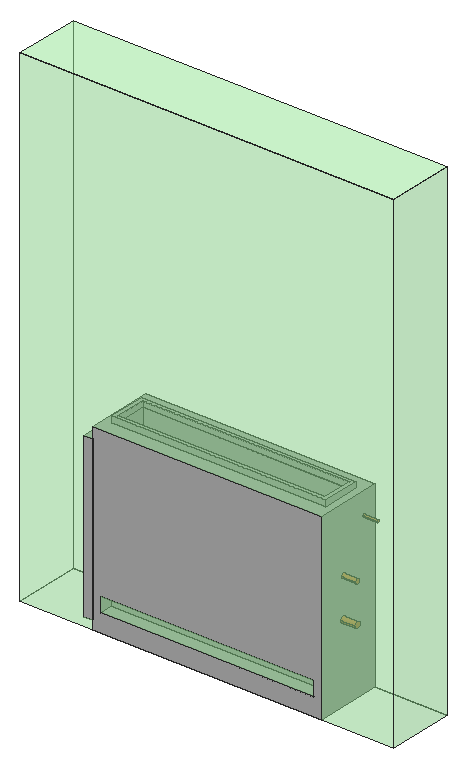
Revit family "BC_Hitachi_RPFI-FSN2E-1.0-2.5_LOD400", category Equipement de génie climatique, Revit 2016
Family settings
  Type d'élément = Normal
  Cote de connecteur circulaire = Utiliser le diamètre
  Numéro OmniClass = 23.75.00.00
  Titre OmniClass = Climate Control (HVAC)
  Basée sur le plan de construction = Non
  Toujours verticalement = Oui
  Couper avec des vides une fois chargée = Non
  Partagée = Non
  Point de calcul de pièce = Non
Parameters (values of type "RPFI FSN2E 1.0")
  Usage Current = 5 A
  Sound power max (dB(A)) = 60
  Acoustic Pressure Level Medium (dB) = 36
  Refrigerant = "R410A (factory-charged corrosion-proof nitrogen)"
  Product Code = "7E460001"
  Overall Width = 754.00 mm
  Overall Height = 600.00 mm
  Overall Depth = 220.00 mm
  Output Width = 704.00 mm
  Output Height = 122.00 mm
  Outlet Diameter = 18.50 mm
  Operation and service space [instance] = yes
  Number of Poles = "1"
  Nominal Voltage = 230 V
  Model = "RPFI - FSN2E - Floor concealed type"
  Minimum Air Flow = 11000.0 L/min
  Minimum AC Voltage = 207 V
  Maximum Air Flow = 16000.0 L/min
  Maximum AC Voltage = 253 V
  Mass = 27.00 kg
  Liquid Diameter = 6.35 mm
  Input Width = 704.00 mm
  Input Height = 50.00 mm
  Heating Capacity = 5.6 kW
  Gas Diameter = 12.70 mm
  Frequency = 50 Hz
  Fan motor type (output) = 45 W
  Fabricant = "HITACHI"
  Electrical box (high) distance = 30.00 mm
  Electrical box (low) distance = 30.00 mm
  Description = "RPFI - FSN2E - Floor concealed type"
  Cooling Capacity = 5 kW
  Commentaires du type = "RPFI FSN2E 1.0"
  Color = "Spring white (4.1Y8.5/0.7)"
  Air outlet = 20.00 mm
  Air flow Speed (high/medium/low) m3/min = "16/14/11"
  Acoustic Pressure Level Mini (dB) = 32
  Acoustic Pressure Level Maxi (dB) = 39
Types (4, lengths in mm): name | Acoustic Pressure Level Medium (dB) | Product Code | Overall Width | Output Width | Minimum Air Flow | Maximum Air Flow | Mass | Liquid Diameter | Input Width | Heating Capacity | Gas Diameter | Fan motor type (output) | Cooling Capacity | Commentaires du type | Air flow Speed (high/medium/low) m3/min | Acoustic Pressure Level Mini (dB) | Acoustic Pressure Level Maxi (dB)
  RPFI FSN2E 1.0 | 36 | "7E460001" | 754.00 | 704.00 | 11000.0 L/min | 16000.0 L/min | 27.00 kg | 6.35 | 704.00 | 5.6 kW | 12.70 | 45 W | 5 kW | "RPFI FSN2E 1.0" | "16/14/11" | 32 | 39
  RPFI FSN2E 1.5 | 35 | "7E460002" | 879.00 | 829.00 | 9000.0 L/min | 12000.0 L/min | 23.00 kg | 6.35 | 829.00 | 4 kW | 12.70 | 28 W | 3.6 kW | "RPFI FSN2E 1.5" | "12/10/9" | 31 | 38
  RPFI FSN2E 2.5 | 38 | "7E460004" | 1129.00 | 1079.00 | 11000.0 L/min | 16000.0 L/min | 28.00 kg | 9.52 | 1079.00 | 6.3 kW | 15.88 | 45 W | 5.6 kW | "RPFI FSN2E 2.5" | "16/14/11" | 34 | 42
  RPFI FSN2E 2.0 | 36 | "7E460003" | 1129.00 | 1079.00 | 11000.0 L/min | 16000.0 L/min | 27.00 kg | 6.35 | 1079.00 | 5.6 kW | 15.88 | 45 W | 5 kW | "RPFI FSN2E 2.0" | "16/14/11" | 32 | 39
Reference planes
  plane 1 "Centre (avant/arrière)": y = 0
  plane 2: z = 0
  plane 3 "Centre (gauche/droite)": x = 0
  plane 4 "ARRIERE": y = 110
  plane 5 "AVANT": y = -110
  plane 6 "GAUCHE": x = -377
  plane 7 "DROITE": x = 377
  plane 8 "Hauteur": z = 600
  plane 9 "Grille": z = 620
  plane 10: z = 30
  plane 11: z = 570
  plane 12: x = -352
  plane 13: x = 352
  plane 14: y = 61
  plane 15: y = -61
  plane 16: z = 109.847
  plane 17: x = -352
  plane 18: x = 352
  plane 19: z = 59.847
  plane 20 "A": x = -617
  plane 21 "B": x = 617
  plane 22: z = 1620
  plane 23: x = -342
  plane 24: x = 342
  plane 25: y = 51
  plane 26: y = -51
Forms (mm)
  Extrusion 1, solid, material "Acier"
    sketch origin (0, 0, 0) x (1, 0, 0) y (0, 1, 0)
      loop
        line (-377, 110) -> (-377, -110) -> (377, -110) -> (377, 110) -> (-377, 110)
    from 0 to 600
  Extrusion 2, solid, material "Acier"
    sketch origin (-377, 0, 0) x (0, -1, 0) y (0, 0, 1)
      loop
        line (-110, 564.459) -> (-110, 30) -> (110, 30) -> (110, 564.459) -> (-110, 564.459)
    from 0 to 30
  Extrusion 3, void
    sketch origin (0, -110, 0) x (1, 0, 0) y (0, 0, 1)
      loop
        line (-352, 109.847) -> (-352, 59.847) -> (352, 59.847) -> (352, 109.847) -> (-352, 109.847)
    from 0 to -45
  Extrusion 4, solid, material "Cuivre"
    sketch origin (377, 0, 0) x (0, 1, 0) y (0, 0, 1)
      loop
        circle (61, 529) r 3.175
    from 0 to 50
  Extrusion 5, solid, material "Acier"
    sketch origin (0, 0, 600) x (-1, 0, 0) y (0, -1, 0)
      loop
        line (352, -61) -> (352, 61) -> (-352, 61) -> (-352, -61) -> (352, -61)
    from 0 to 20
  Extrusion 6, solid, material "Cuivre"
    sketch origin (377, 0, 0) x (0, 1, 0) y (0, 0, 1)
      loop
        circle (-23, 388) r 6.35
    from 0 to 50
  Extrusion 7, solid, material "Cuivre"
    sketch origin (377, 0, 0) x (0, 1, 0) y (0, 0, 1)
      loop
        circle (-24, 260) r 9.25
    from 0 to 50
  Extrusion 8, void
    sketch origin (0, 0, 620) x (-1, 0, 0) y (0, -1, 0)
      loop
        line (342, -51) -> (342, 51) -> (-342, 51) -> (-342, -51) -> (342, -51)
    from 0 to -100
  Extrusion 9, solid, material "Operation and service space", visible <- "Operation and service space"
    sketch origin (0, 0, 0) x (1, 0, 0) y (0, 1, 0)
      loop
        line (-617, 110) -> (-617, -110) -> (617, -110) -> (617, 110) -> (-617, 110)
    from 0 to 1620
Cuts and joins
  Extrusion 3, Extrusion 8 cuts Extrusion 1
  Extrusion 8 cuts Extrusion 5
Lines and regions (mm)
  model lines, visible <- "Operation and service space"
    curve 1: line (-617, -110, 1620) -> (617, -110, 1620)
    curve 2: line (-617, -110, 0) -> (-617, -110, 1620)
    curve 3: line (617, -110, 0) -> (-617, -110, 0)
    curve 4: line (617, -110, 1620) -> (617, -110, 0)
    curve 5: line (-617, 110, 1620) -> (617, 110, 1620)
    curve 6: line (-617, 110, 0) -> (-617, 110, 1620)
    curve 7: line (617, 110, 0) -> (-617, 110, 0)
    curve 8: line (617, 110, 1620) -> (617, 110, 0)
    curve 9: line (-617, -110, 0) -> (-617, 110, 0)
    curve 10: line (-617, -110, 1620) -> (-617, 110, 1620)
    curve 11: line (617, -110, 1620) -> (617, 110, 1620)
    curve 12: line (617, -110, 0) -> (617, 110, 0)
  model lines
    curve 13: line (-352, 61, 620) -> (352, 61, 620)
    curve 14: line (352, -61, 620) -> (-352, -61, 620)
    curve 15: line (352, 61, 620) -> (352, -61, 620)
Dimensions and locks
  "Overall Width": plane 6 "GAUCHE" to plane 7 "DROITE"
  equal spacing: plane 6 "GAUCHE", plane 3 "Centre (gauche/droite)", plane 7 "DROITE"
  equal spacing: plane 4 "ARRIERE", plane 1 "Centre (avant/arrière)", plane 5 "AVANT"
  "Overall Depth": plane 4 "ARRIERE" to plane 5 "AVANT"
  "Overall Height": plane 8 "Hauteur" to plane 2
  "Air outlet": plane 9 "Grille" to plane 8 "Hauteur"
  "Electrical box (high) distance": plane 8 "Hauteur" to plane 11
  "Electrical box (low) distance": plane 10 to plane 2
  "Input Height": plane 16 to plane 19
  "Input Width": plane 18 to plane 17
  equal spacing: plane 18, plane 3 "Centre (gauche/droite)", plane 17
  "Output Width": plane 12 to plane 13
  "Output Height": plane 14 to plane 15
  equal spacing: plane 14, plane 1 "Centre (avant/arrière)", plane 15
  Extrusion 4 sketch curve to plane 2 = 529.00 mm
  Extrusion 6 sketch curve to plane 4 "ARRIERE" = 133.00 mm
  Extrusion 6 sketch curve to plane 2 = 388.00 mm
  Extrusion 7 sketch curve to plane 4 "ARRIERE" = 134.00 mm
  Extrusion 7 sketch curve to plane 2 = 260.00 mm
  equal spacing: plane 12, plane 3 "Centre (gauche/droite)", plane 13
  locked: plane 21 "B" to plane 7 "DROITE" at 240
  equal spacing: plane 20 "A", plane 3 "Centre (gauche/droite)", plane 21 "B"
  locked: plane 22 to plane 9 "Grille" at 1000
  locked: plane 26 to plane 15 at 10
  locked: plane 14 to plane 25 at 10
  locked: plane 17 to plane 23 at 10
  locked: plane 24 to plane 18 at 10
  "Liquid Diameter": diameter of Extrusion 4 sketch curve
  "Gas Diameter": diameter of Extrusion 6 sketch curve
  "Outlet Diameter": diameter of Extrusion 7 sketch curve
  aligned and locked: level to plane 2
  aligned and locked: Extrusion 1 sketch curve to plane 4 "ARRIERE"
  aligned and locked: Extrusion 1 sketch curve to plane 6 "GAUCHE"
  aligned and locked: Extrusion 1 sketch curve to plane 5 "AVANT"
  aligned and locked: Extrusion 1 sketch curve to plane 7 "DROITE"
  aligned and locked: plane 8 "Hauteur" to Extrusion 1
  aligned and locked: plane 4 "ARRIERE" to Extrusion 2
  aligned and locked: plane 5 "AVANT" to Extrusion 2
  aligned and locked: Extrusion 2 to plane 10
  aligned and locked: Extrusion 3 sketch curve to plane 16
  aligned and locked: plane 17 to Extrusion 3 sketch curve
  aligned and locked: plane 19 to Extrusion 3 sketch curve
  aligned and locked: Extrusion 3 sketch curve to plane 18
  aligned and locked: Extrusion 5 sketch curve to plane 14
  aligned and locked: plane 12 to Extrusion 5 sketch curve
  aligned and locked: plane 15 to Extrusion 5 sketch curve
  aligned and locked: Extrusion 5 sketch curve to plane 13
  aligned and locked: curve 1 to plane 22
  aligned and locked: curve 2 to plane 20 "A"
  aligned and locked: plane 2 to curve 3
  aligned and locked: plane 21 "B" to curve 4
  aligned and locked: Extrusion 8 sketch curve to plane 25
  aligned and locked: plane 23 to Extrusion 8 sketch curve
  aligned and locked: plane 26 to Extrusion 8 sketch curve
  aligned and locked: Extrusion 8 sketch curve to plane 24
  aligned and locked: Extrusion 9 sketch curve to curve 7
  aligned and locked: Extrusion 9 sketch curve to curve 9
  aligned and locked: Extrusion 9 sketch curve to curve 3
  aligned and locked: Extrusion 9 sketch curve to curve 12
  aligned and locked: plane 22 to Extrusion 9
Automatic sketch dimensions
  plane 21 "B" to curve 5 = 0.00 mm
  curve 7 to level = 0.00 mm
  plane 20 "A" to curve 7 = 0.00 mm
  curve 6 to plane 22 = 0.00 mm
  Extrusion 2 sketch curve to plane 4 "ARRIERE" = 0.00 mm
  Extrusion 2 sketch curve to plane 5 "AVANT" = 0.00 mm
  Extrusion 2 sketch curve to plane 10 = 0.00 mm
  Extrusion 2 sketch curve to plane 11 = 5.541 mm
  curve 10 to plane 5 "AVANT" = 0.00 mm
  curve 10 to plane 22 = 0.00 mm
  curve 9 to level = 0.00 mm
  curve 9 to plane 4 "ARRIERE" = 0.00 mm
  curve 10 to plane 4 "ARRIERE" = 0.00 mm
  curve 9 to plane 5 "AVANT" = 0.00 mm
  curve 11 to plane 4 "ARRIERE" = 0.00 mm
  curve 11 to plane 22 = 0.00 mm
  curve 12 to level = 0.00 mm
  curve 12 to plane 4 "ARRIERE" = 0.00 mm
  curve 12 to plane 5 "AVANT" = 0.00 mm
  curve 11 to plane 5 "AVANT" = 0.00 mm
  curve 15 to plane 13 = 0.00 mm
  curve 13 to plane 12 = 0.00 mm
  curve 14 to plane 12 = 0.00 mm
  plane 14 to curve 13 = 0.00 mm
  curve 14 to plane 15 = 0.00 mm
  Extrusion 4 sketch curve to plane 14 = 0.00 mm
Connectors
  electrical at (-407, 0, 297.23), driven by "Nominal Voltage"
    settings: on Extrusion 2, index 1, voltage 230 V, apparent load 0 VA, apparent load phase1 0 VA, apparent load phase2 0 VA, apparent load phase3 0 VA, power factor 1, load classification "Autre", number of poles 1, system type 31, power factor state 1, is connector primary yes, connector utility no, sub classification motor no, connector description ""
  piping at (427, -24, 260), diameter 18.5, driven by "Outlet Diameter"
    settings: on Extrusion 7, index 2, connector inside diameter 609.6 mm, connector length 0.00 mm, flow factor 0, pipe flow 0.0 L/s, pressure drop 0.0 Pa, fitting loss kfactor 0, connector angle 0.00°, fixture units 0, engagement length 0.00 mm, angle of deflection 0.00°, flow configuration 0, flow direction 2, fitting loss method 0, system type 16, joint type 0, gender type 0, connector reference index -1, connector utility 0, adjustable connector no, is connector primary yes, connector description ""
  piping at (427, -23, 388), diameter 12.7, driven by "Gas Diameter"
    settings: on Extrusion 6, index 3, connector inside diameter 609.6 mm, connector length 0.00 mm, flow factor 0, pipe flow 0.0 L/s, pressure drop 0.0 Pa, fitting loss kfactor 0, connector angle 0.00°, fixture units 0, engagement length 0.00 mm, angle of deflection 0.00°, flow configuration 0, flow direction 0, fitting loss method 0, system type 29, joint type 0, gender type 0, connector reference index -1, connector utility 0, adjustable connector no, is connector primary no, connector description ""
  piping at (427, 61, 529), diameter 6.35, driven by "Liquid Diameter"
    settings: on Extrusion 4, index 4, connector inside diameter 609.6 mm, connector length 0.00 mm, flow factor 0, pipe flow 0.0 L/s, pressure drop 0.0 Pa, fitting loss kfactor 0, connector angle 0.00°, fixture units 0, engagement length 0.00 mm, angle of deflection 0.00°, flow configuration 0, flow direction 0, fitting loss method 0, system type 29, joint type 0, gender type 0, connector reference index -1, connector utility 0, adjustable connector no, is connector primary no, connector description ""
